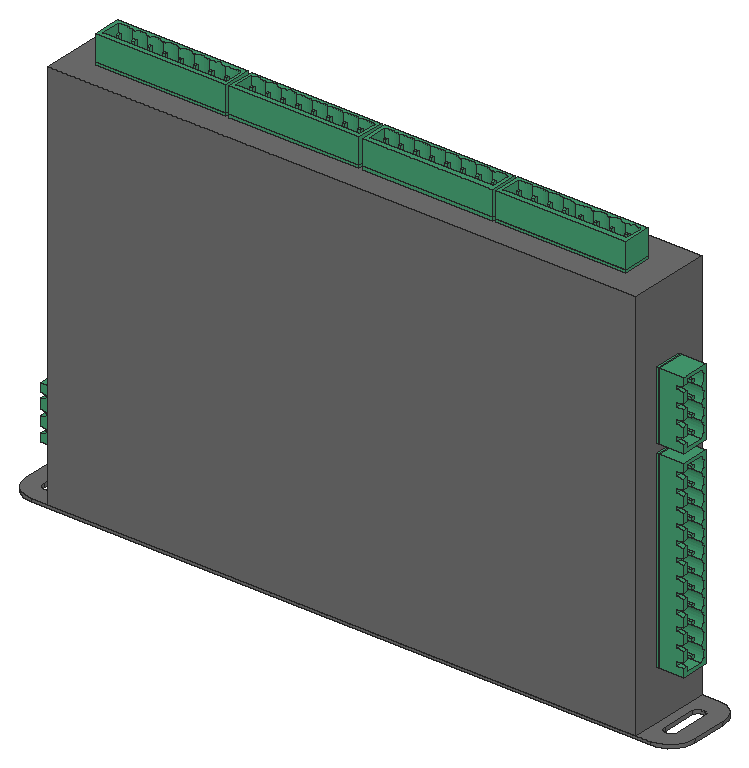
Revit family "Б411_RV17_LOD400 (05.11.23)", category Электрооборудование, Revit 2017 (continued)
Forms (mm)
  Blend 128, void, detail levels medium+fine
    top sketch origin (95, 13.5, 25) x (0, 0, -1) y (0, 1, 0)
      loop
        line (-16.213, -18.848) -> (-15.166, -18.848) -> (-15.166, -17.258) -> (-16.213, -17.258) -> (-16.213, -18.848)
    from 9 to 7
  Blend 129, solid, material "соединения", detail levels medium+fine
    base sketch origin (95, 13.513, 15) x (0, 0, -1) y (0, 1, 0)
      loop
        circle (-25.763, -13.973) r 1.379
    top sketch origin (95, 13.513, 15) x (0, 0, -1) y (0, 1, 0)
      loop
        circle (-25.763, -13.973) r 0.948
    from 1 to 3
  Blend 130, solid, material "соединения", detail levels medium+fine
    base sketch origin (95, 13.5, 15) x (0, 0, -1) y (0, 1, 0)
      loop
        line (-26.215, -14.422) -> (-25.289, -14.422) -> (-25.289, -13.499) -> (-26.215, -13.499) -> (-26.215, -14.422)
    top sketch origin (95, 13.5, 15) x (0, 0, -1) y (0, 1, 0)
      loop
        line (-26.145, -14.337) -> (-25.343, -14.337) -> (-25.343, -13.551) -> (-26.145, -13.551) -> (-26.145, -14.337)
    from 3 to 8
  Blend 131, void, detail levels medium+fine
    base sketch origin (95, 13.5, 20) x (0, 0, -1) y (0, 1, 0)
      loop
        line (-16.72, -18.848) -> (-14.723, -18.848) -> (-14.723, -17.258) -> (-16.72, -17.258) -> (-16.72, -18.848)
    top sketch origin (95, 13.5, 20) x (0, 0, -1) y (0, 1, 0)
      loop
        line (-16.213, -18.848) -> (-15.166, -18.848) -> (-15.166, -17.258) -> (-16.213, -17.258) -> (-16.213, -18.848)
    from 9 to 7
  Blend 132, solid, material "соединения", detail levels medium+fine
    base sketch origin (95, 13.513, 10) x (0, 0, -1) y (0, 1, 0)
      loop
        circle (-25.763, -13.973) r 1.379
    top sketch origin (95, 13.513, 10) x (0, 0, -1) y (0, 1, 0)
      loop
        circle (-25.763, -13.973) r 0.948
    from 1 to 3
  Blend 133, solid, material "соединения", detail levels medium+fine
    base sketch origin (95, 13.5, 10) x (0, 0, -1) y (0, 1, 0)
      loop
        line (-26.215, -14.422) -> (-25.289, -14.422) -> (-25.289, -13.499) -> (-26.215, -13.499) -> (-26.215, -14.422)
    top sketch origin (95, 13.5, 10) x (0, 0, -1) y (0, 1, 0)
      loop
        line (-26.145, -14.337) -> (-25.343, -14.337) -> (-25.343, -13.551) -> (-26.145, -13.551) -> (-26.145, -14.337)
    from 3 to 8
  Blend 134, void, detail levels medium+fine
    base sketch origin (95, 13.5, 15) x (0, 0, -1) y (0, 1, 0)
      loop
        line (-16.72, -18.848) -> (-14.723, -18.848) -> (-14.723, -17.258) -> (-16.72, -17.258) -> (-16.72, -18.848)
    top sketch origin (95, 13.5, 15) x (0, 0, -1) y (0, 1, 0)
      loop
        line (-16.213, -18.848) -> (-15.166, -18.848) -> (-15.166, -17.258) -> (-16.213, -17.258) -> (-16.213, -18.848)
    from 9 to 7
  Blend 135, solid, material "соединения", detail levels medium+fine
    base sketch origin (95, 13.513, 5) x (0, 0, -1) y (0, 1, 0)
      loop
        circle (-25.763, -13.973) r 1.379
    top sketch origin (95, 13.513, 5) x (0, 0, -1) y (0, 1, 0)
      loop
        circle (-25.763, -13.973) r 0.948
    from 1 to 3
  Blend 136, solid, material "соединения", detail levels medium+fine
    base sketch origin (95, 13.5, 5) x (0, 0, -1) y (0, 1, 0)
      loop
        line (-26.215, -14.422) -> (-25.289, -14.422) -> (-25.289, -13.499) -> (-26.215, -13.499) -> (-26.215, -14.422)
    top sketch origin (95, 13.5, 5) x (0, 0, -1) y (0, 1, 0)
      loop
        line (-26.145, -14.337) -> (-25.343, -14.337) -> (-25.343, -13.551) -> (-26.145, -13.551) -> (-26.145, -14.337)
    from 3 to 8
  Blend 137, void, detail levels medium+fine
    base sketch origin (95, 13.5, 10) x (0, 0, -1) y (0, 1, 0)
      loop
        line (-16.72, -18.848) -> (-14.723, -18.848) -> (-14.723, -17.258) -> (-16.72, -17.258) -> (-16.72, -18.848)
    top sketch origin (95, 13.5, 10) x (0, 0, -1) y (0, 1, 0)
      loop
        line (-16.213, -18.848) -> (-15.166, -18.848) -> (-15.166, -17.258) -> (-16.213, -17.258) -> (-16.213, -18.848)
    from 9 to 7
  Blend 138, solid, material "соединения", detail levels medium+fine
    base sketch origin (95, 13.513, 0) x (0, 0, -1) y (0, 1, 0)
      loop
        circle (-25.763, -13.973) r 1.379
    top sketch origin (95, 13.513, 0) x (0, 0, -1) y (0, 1, 0)
      loop
        circle (-25.763, -13.973) r 0.948
    from 1 to 3
  Blend 139, solid, material "соединения", detail levels medium+fine
    base sketch origin (95, 13.5, 0) x (0, 0, -1) y (0, 1, 0)
      loop
        line (-26.215, -14.422) -> (-25.289, -14.422) -> (-25.289, -13.499) -> (-26.215, -13.499) -> (-26.215, -14.422)
    top sketch origin (95, 13.5, 0) x (0, 0, -1) y (0, 1, 0)
      loop
        line (-26.145, -14.337) -> (-25.343, -14.337) -> (-25.343, -13.551) -> (-26.145, -13.551) -> (-26.145, -14.337)
    from 3 to 8
  Blend 140, void, detail levels medium+fine
    base sketch origin (95, 13.5, 5) x (0, 0, -1) y (0, 1, 0)
      loop
        line (-16.72, -18.848) -> (-14.723, -18.848) -> (-14.723, -17.258) -> (-16.72, -17.258) -> (-16.72, -18.848)
    top sketch origin (95, 13.5, 5) x (0, 0, -1) y (0, 1, 0)
      loop
        line (-16.213, -18.848) -> (-15.166, -18.848) -> (-15.166, -17.258) -> (-16.213, -17.258) -> (-16.213, -18.848)
    from 9 to 7
  Blend 141, solid, material "соединения", detail levels medium+fine
    base sketch origin (95, 13.513, -5) x (0, 0, -1) y (0, 1, 0)
      loop
        circle (-25.763, -13.973) r 1.379
    top sketch origin (95, 13.513, -5) x (0, 0, -1) y (0, 1, 0)
      loop
        circle (-25.763, -13.973) r 0.948
    from 1 to 3
  Blend 142, solid, material "соединения", detail levels medium+fine
    base sketch origin (95, 13.5, -5) x (0, 0, -1) y (0, 1, 0)
      loop
        line (-26.215, -14.422) -> (-25.289, -14.422) -> (-25.289, -13.499) -> (-26.215, -13.499) -> (-26.215, -14.422)
    top sketch origin (95, 13.5, -5) x (0, 0, -1) y (0, 1, 0)
      loop
        line (-26.145, -14.337) -> (-25.343, -14.337) -> (-25.343, -13.551) -> (-26.145, -13.551) -> (-26.145, -14.337)
    from 3 to 8
  Blend 143, void, detail levels medium+fine
    base sketch origin (95, 13.5, 75) x (0, 0, -1) y (0, 1, 0)
      loop
        line (-16.72, -18.848) -> (-14.723, -18.848) -> (-14.723, -17.258) -> (-16.72, -17.258) -> (-16.72, -18.848)
    top sketch origin (95, 13.5, 75) x (0, 0, -1) y (0, 1, 0)
      loop
        line (-16.213, -18.848) -> (-15.166, -18.848) -> (-15.166, -17.258) -> (-16.213, -17.258) -> (-16.213, -18.848)
    from 9 to 7
  Blend 144, void, detail levels medium+fine
    base sketch origin (95, 13.5, 80) x (0, 0, -1) y (0, 1, 0)
      loop
        line (-16.72, -18.848) -> (-14.723, -18.848) -> (-14.723, -17.258) -> (-16.72, -17.258) -> (-16.72, -18.848)
    top sketch origin (95, 13.5, 80) x (0, 0, -1) y (0, 1, 0)
      loop
        line (-16.213, -18.848) -> (-15.166, -18.848) -> (-15.166, -17.258) -> (-16.213, -17.258) -> (-16.213, -18.848)
    from 9 to 7
  Blend 145, void, detail levels medium+fine
    base sketch origin (95, 13.5, 85) x (0, 0, -1) y (0, 1, 0)
      loop
        line (-16.72, -18.848) -> (-14.723, -18.848) -> (-14.723, -17.258) -> (-16.72, -17.258) -> (-16.72, -18.848)
    top sketch origin (95, 13.5, 85) x (0, 0, -1) y (0, 1, 0)
      loop
        line (-16.213, -18.848) -> (-15.166, -18.848) -> (-15.166, -17.258) -> (-16.213, -17.258) -> (-16.213, -18.848)
    from 9 to 7
Cuts and joins
  Extrusion 5, Extrusion 6, Extrusion 7, Extrusion 8 cuts Extrusion 1
  Extrusion 5, Extrusion 6 cuts Extrusion 4
  Extrusion 6, Extrusion 7 cuts Extrusion 3
  Blend 13, Blend 14, Blend 15 cuts Extrusion 12
  Blend 102, Blend 107, Blend 108, Blend 109, Blend 116, Blend 143, Blend 144, Blend 145 cuts Extrusion 95
  Blend 107, Blend 108, Blend 109, Blend 116, Blend 119, Blend 122, Blend 125, Blend 128, Blend 131, Blend 134, Blend 137, Blend 140 cuts Extrusion 106
Dimensions and locks
  locked: plane 4 to plane 1 "По центру (Вперед/Назад)" at 2000
  locked: plane 5 to plane 3 "По центру (Влево/Вправо)" at 2000
  "В_Смещение_УГО_X": plane 5 to plane 6
  "В_Смещение_УГО_Y": plane 4 to plane 7
  "ADSK_Размер_Длина": plane 9 to plane 8
  aligned and locked: level to plane 2
Automatic sketch dimensions
  Extrusion 1 sketch curve to plane 1 "По центру (Вперед/Назад)" = 13.5 mm
  Extrusion 1 sketch curve to plane 11 "1" = 0 mm
  Extrusion 1 sketch curve to plane 10 "3" = 0 mm
  plane 1 "По центру (Вперед/Назад)" to Extrusion 1 sketch curve = 13.5 mm
  Extrusion 2 sketch curve to plane 1 "По центру (Вперед/Назад)" = 13.5 mm
  Extrusion 2 sketch curve to plane 9 = 0 mm
  Extrusion 2 sketch curve to plane 8 = 0 mm
  Extrusion 2 sketch curve to plane 1 "По центру (Вперед/Назад)" = 5.541 mm
  plane 10 "3" to Extrusion 2 sketch curve = 5.041 mm
  Extrusion 2 sketch curve to Extrusion 2 sketch curve = 0.364 mm  (x2)
  plane 11 "1" to Extrusion 2 sketch curve = 5.041 mm
  Extrusion 2 sketch curve to Extrusion 2 sketch curve = 10.719 mm
  Extrusion 2 sketch curve to Extrusion 2 sketch curve = 11.082 mm
  Extrusion 2 sketch curve to Extrusion 2 sketch curve = 0.281 mm  (x2)
  Extrusion 2 sketch curve to Extrusion 2 sketch curve = 2.414 mm
  Extrusion 2 sketch curve to Extrusion 2 sketch curve = 0.399 mm  (x2)
  Extrusion 2 sketch curve to Extrusion 2 sketch curve = 1.616 mm
  Extrusion 3 sketch curve to plane 1 "По центру (Вперед/Назад)" = 5.541 mm
  level to Extrusion 3 sketch curve = 51 mm
  Extrusion 3 sketch curve to Extrusion 3 sketch curve = 16 mm
  Extrusion 3 sketch curve to Extrusion 3 sketch curve = 14 mm
  Extrusion 4 sketch curve to plane 1 "По центру (Вперед/Назад)" = 5.541 mm
  level to Extrusion 4 sketch curve = 70 mm
  Extrusion 4 sketch curve to Extrusion 4 sketch curve = 16 mm
  Extrusion 4 sketch curve to Extrusion 4 sketch curve = 14 mm
  plane 1 "По центру (Вперед/Назад)" to Extrusion 5 sketch curve = 6.708 mm
  level to Extrusion 5 sketch curve = 68.013 mm
  Extrusion 5 sketch curve to Extrusion 5 sketch curve = 1.976 mm  (x2)
  Extrusion 5 sketch curve to Extrusion 5 sketch curve = 1.537 mm  (x2)
  Extrusion 5 sketch curve to Extrusion 5 sketch curve = 5 mm
  Extrusion 5 sketch curve to Extrusion 5 sketch curve = 7.406 mm  (x2)
  Extrusion 5 sketch curve to Extrusion 5 sketch curve = 1.402 mm  (x2)
  Extrusion 5 sketch curve to Extrusion 5 sketch curve = 2.524 mm
  plane 1 "По центру (Вперед/Назад)" to Extrusion 6 sketch curve = 6.708 mm
  level to Extrusion 6 sketch curve = 49.013 mm
  Extrusion 6 sketch curve to Extrusion 6 sketch curve = 1.976 mm  (x2)
  Extrusion 6 sketch curve to Extrusion 6 sketch curve = 1.537 mm  (x2)
  Extrusion 6 sketch curve to Extrusion 6 sketch curve = 5 mm
  Extrusion 6 sketch curve to Extrusion 6 sketch curve = 7.406 mm  (x2)
  Extrusion 6 sketch curve to Extrusion 6 sketch curve = 1.402 mm  (x2)
  Extrusion 6 sketch curve to Extrusion 6 sketch curve = 2.524 mm
  Extrusion 7 sketch curve to plane 1 "По центру (Вперед/Назад)" = 3.714 mm
  level to Extrusion 7 sketch curve = 91.765 mm
  Extrusion 7 sketch curve to Extrusion 7 sketch curve = 1.976 mm  (x2)
  Extrusion 7 sketch curve to Extrusion 7 sketch curve = 1.537 mm  (x2)
  Extrusion 7 sketch curve to Extrusion 7 sketch curve = 5 mm
  Extrusion 7 sketch curve to Extrusion 7 sketch curve = 7.406 mm  (x2)
  Extrusion 7 sketch curve to Extrusion 7 sketch curve = 1.402 mm  (x2)
  Extrusion 7 sketch curve to Extrusion 7 sketch curve = 2.524 mm
  Extrusion 8 sketch curve to plane 1 "По центру (Вперед/Назад)" = 5.541 mm
  level to Extrusion 8 sketch curve = 93.751 mm
  Extrusion 8 sketch curve to Extrusion 8 sketch curve = 16 mm
  Extrusion 8 sketch curve to Extrusion 8 sketch curve = 14 mm
  plane 1 "По центру (Вперед/Назад)" to Extrusion 9 sketch curve = 1.593 mm
  level to Extrusion 9 sketch curve = 104.123 mm
  plane 1 "По центру (Вперед/Назад)" to Blend 10 sketch curve = 1.593 mm  (x2)
  level to Blend 10 sketch curve = 104.062 mm  (x2)
  level to Extrusion 11 sketch curve = 29.543 mm
  level to Extrusion 11 sketch curve = 12.543 mm
  Extrusion 11 sketch curve to plane 1 "По центру (Вперед/Назад)" = 3.886 mm
  Extrusion 11 sketch curve to Extrusion 11 sketch curve = 9 mm
  level to Extrusion 12 sketch curve = 29.543 mm
  Extrusion 12 sketch curve to Extrusion 12 sketch curve = 1.593 mm
  Extrusion 12 sketch curve to Extrusion 12 sketch curve = 2.104 mm
  Extrusion 12 sketch curve to Extrusion 12 sketch curve = 4.833 mm
  Extrusion 12 sketch curve to Extrusion 12 sketch curve = 4.954 mm
  Extrusion 12 sketch curve to Extrusion 12 sketch curve = 2.501 mm
  Extrusion 12 sketch curve to Extrusion 12 sketch curve = 1.015 mm
  Extrusion 12 sketch curve to plane 1 "По центру (Вперед/Назад)" = 3.886 mm
  Extrusion 12 sketch curve to Extrusion 12 sketch curve = 1.225 mm
  Extrusion 12 sketch curve to Extrusion 12 sketch curve = 1.52 mm
  Extrusion 12 sketch curve to Extrusion 12 sketch curve = 0.433 mm
  Extrusion 12 sketch curve to Extrusion 12 sketch curve = 4.219 mm
  Extrusion 12 sketch curve to Extrusion 12 sketch curve = 0.11 mm
  Extrusion 12 sketch curve to Extrusion 12 sketch curve = 4.071 mm
  Extrusion 12 sketch curve to Extrusion 12 sketch curve = 1.82 mm
  Extrusion 12 sketch curve to Extrusion 12 sketch curve = 1.589 mm
  Extrusion 12 sketch curve to Extrusion 12 sketch curve = 4.559 mm
  level to Blend 13 sketch curve = 22.028 mm
  Blend 13 sketch curve to Blend 13 sketch curve = 1.996 mm
  plane 1 "По центру (Вперед/Назад)" to Blend 13 sketch curve = 3.525 mm  (x2)
  Blend 13 sketch curve to Blend 13 sketch curve = 1.589 mm  (x2)
  level to Blend 13 sketch curve = 21.522 mm
  Blend 13 sketch curve to Blend 13 sketch curve = 1.047 mm
  level to Blend 14 sketch curve = 27.028 mm
  Blend 14 sketch curve to Blend 14 sketch curve = 1.996 mm
  plane 1 "По центру (Вперед/Назад)" to Blend 14 sketch curve = 3.525 mm  (x2)
  Blend 14 sketch curve to Blend 14 sketch curve = 1.589 mm  (x2)
  level to Blend 14 sketch curve = 26.522 mm
  Blend 14 sketch curve to Blend 14 sketch curve = 1.047 mm
  level to Blend 15 sketch curve = 17.028 mm
  Blend 15 sketch curve to Blend 15 sketch curve = 1.996 mm
  plane 1 "По центру (Вперед/Назад)" to Blend 15 sketch curve = 3.525 mm  (x2)
  Blend 15 sketch curve to Blend 15 sketch curve = 1.589 mm  (x2)
  level to Blend 15 sketch curve = 16.522 mm
  Blend 15 sketch curve to Blend 15 sketch curve = 1.047 mm
  level to Blend 16 sketch curve = 26.072 mm  (x2)
  plane 1 "По центру (Вперед/Назад)" to Blend 16 sketch curve = 0.24 mm  (x2)
  level to Blend 17 sketch curve = 21.072 mm  (x2)
  plane 1 "По центру (Вперед/Назад)" to Blend 17 sketch curve = 0.24 mm  (x2)
  level to Blend 18 sketch curve = 16.072 mm  (x2)
  plane 1 "По центру (Вперед/Назад)" to Blend 18 sketch curve = 0.24 mm  (x2)
  level to Blend 19 sketch curve = 26.524 mm
  Blend 19 sketch curve to Blend 19 sketch curve = 0.926 mm
  Blend 19 sketch curve to plane 1 "По центру (Вперед/Назад)" = 0.235 mm
  Blend 19 sketch curve to Blend 19 sketch curve = 0.922 mm
  level to Blend 19 sketch curve = 26.453 mm
  Blend 19 sketch curve to Blend 19 sketch curve = 0.802 mm
  Blend 19 sketch curve to plane 1 "По центру (Вперед/Назад)" = 0.183 mm
  Blend 19 sketch curve to Blend 19 sketch curve = 0.786 mm
  level to Blend 20 sketch curve = 21.524 mm
  Blend 20 sketch curve to Blend 20 sketch curve = 0.926 mm
  Blend 20 sketch curve to plane 1 "По центру (Вперед/Назад)" = 0.235 mm
  Blend 20 sketch curve to Blend 20 sketch curve = 0.922 mm
  level to Blend 20 sketch curve = 21.453 mm
  Blend 20 sketch curve to Blend 20 sketch curve = 0.802 mm
  Blend 20 sketch curve to plane 1 "По центру (Вперед/Назад)" = 0.183 mm
  Blend 20 sketch curve to Blend 20 sketch curve = 0.786 mm
  level to Blend 21 sketch curve = 16.524 mm
  Blend 21 sketch curve to Blend 21 sketch curve = 0.926 mm
  Blend 21 sketch curve to plane 1 "По центру (Вперед/Назад)" = 0.235 mm
  Blend 21 sketch curve to Blend 21 sketch curve = 0.922 mm
  level to Blend 21 sketch curve = 16.453 mm
  Blend 21 sketch curve to Blend 21 sketch curve = 0.802 mm
  Blend 21 sketch curve to plane 1 "По центру (Вперед/Назад)" = 0.183 mm
  Blend 21 sketch curve to Blend 21 sketch curve = 0.786 mm
  plane 1 "По центру (Вперед/Назад)" to Extrusion 22 sketch curve = 5.381 mm
  Extrusion 22 sketch curve to plane 3 "По центру (Влево/Вправо)" = 43.911 mm
  Extrusion 22 sketch curve to plane 11 "1" = 9.089 mm
  Extrusion 22 sketch curve to Extrusion 22 sketch curve = 9 mm
  Extrusion 23 sketch curve to plane 1 "По центру (Вперед/Назад)" = 3.619 mm
  Extrusion 23 sketch curve to plane 3 "По центру (Влево/Вправо)" = 43.911 mm
  Extrusion 23 sketch curve to Extrusion 23 sketch curve = 0.97 mm
  Extrusion 23 sketch curve to Extrusion 23 sketch curve = 2.5 mm  (x8)
  Extrusion 23 sketch curve to Extrusion 23 sketch curve = 5 mm  (x7)
  Extrusion 23 sketch curve to Extrusion 23 sketch curve = 1.03 mm
  Extrusion 23 sketch curve to Extrusion 23 sketch curve = 1.547 mm  (x2)
  Extrusion 23 sketch curve to Extrusion 23 sketch curve = 0.406 mm
  plane 1 "По центру (Вперед/Назад)" to Extrusion 23 sketch curve = 2 mm
  Extrusion 23 sketch curve to Extrusion 23 sketch curve = 4.071 mm  (x2)
  Extrusion 23 sketch curve to Extrusion 23 sketch curve = 0 mm  (x5)
  Extrusion 23 sketch curve to Extrusion 23 sketch curve = 1.792 mm
  Extrusion 23 sketch curve to Extrusion 23 sketch curve = 1.589 mm
  Blend 24 sketch curve to plane 11 "1" = 22.619 mm  (x2)
  plane 1 "По центру (Вперед/Назад)" to Blend 24 sketch curve = 0.507 mm  (x2)
  Blend 25 sketch curve to plane 11 "1" = 17.619 mm  (x2)
  plane 1 "По центру (Вперед/Назад)" to Blend 25 sketch curve = 0.507 mm  (x2)
  Blend 26 sketch curve to plane 11 "1" = 12.619 mm  (x2)
  plane 1 "По центру (Вперед/Назад)" to Blend 26 sketch curve = 0.507 mm  (x2)
  Blend 27 sketch curve to plane 11 "1" = 23.071 mm
  Blend 27 sketch curve to Blend 27 sketch curve = 0.926 mm
  plane 1 "По центру (Вперед/Назад)" to Blend 27 sketch curve = 0.033 mm
  Blend 27 sketch curve to Blend 27 sketch curve = 0.922 mm
  Blend 27 sketch curve to plane 11 "1" = 23 mm
  Blend 27 sketch curve to Blend 27 sketch curve = 0.802 mm
  plane 1 "По центру (Вперед/Назад)" to Blend 27 sketch curve = 0.085 mm
  Blend 27 sketch curve to Blend 27 sketch curve = 0.786 mm
  Blend 28 sketch curve to plane 11 "1" = 18.071 mm
  Blend 28 sketch curve to Blend 28 sketch curve = 0.926 mm
  plane 1 "По центру (Вперед/Назад)" to Blend 28 sketch curve = 0.033 mm
  Blend 28 sketch curve to Blend 28 sketch curve = 0.922 mm
  Blend 28 sketch curve to plane 11 "1" = 18 mm
  Blend 28 sketch curve to Blend 28 sketch curve = 0.802 mm
  plane 1 "По центру (Вперед/Назад)" to Blend 28 sketch curve = 0.085 mm
  Blend 28 sketch curve to Blend 28 sketch curve = 0.786 mm
  Blend 29 sketch curve to plane 11 "1" = 13.071 mm
  Blend 29 sketch curve to Blend 29 sketch curve = 0.926 mm
  plane 1 "По центру (Вперед/Назад)" to Blend 29 sketch curve = 0.033 mm
  Blend 29 sketch curve to Blend 29 sketch curve = 0.922 mm
  Blend 29 sketch curve to plane 11 "1" = 13 mm
  Blend 29 sketch curve to Blend 29 sketch curve = 0.802 mm
  plane 1 "По центру (Вперед/Назад)" to Blend 29 sketch curve = 0.085 mm
  Blend 29 sketch curve to Blend 29 sketch curve = 0.786 mm
  Blend 30 sketch curve to plane 11 "1" = 27.619 mm  (x2)
  plane 1 "По центру (Вперед/Назад)" to Blend 30 sketch curve = 0.507 mm  (x2)
  plane 1 "По центру (Вперед/Назад)" to Blend 31 sketch curve = 0.033 mm
  Blend 31 sketch curve to plane 11 "1" = 28.071 mm
  Blend 31 sketch curve to Blend 31 sketch curve = 0.926 mm
  Blend 31 sketch curve to Blend 31 sketch curve = 0.922 mm
  plane 1 "По центру (Вперед/Назад)" to Blend 31 sketch curve = 0.085 mm
  Blend 31 sketch curve to plane 11 "1" = 28 mm
  Blend 31 sketch curve to Blend 31 sketch curve = 0.802 mm
  Blend 31 sketch curve to Blend 31 sketch curve = 0.786 mm
  plane 1 "По центру (Вперед/Назад)" to Blend 32 sketch curve = 0.507 mm  (x2)
  Blend 32 sketch curve to plane 11 "1" = 42.619 mm  (x2)
  plane 1 "По центру (Вперед/Назад)" to Blend 33 sketch curve = 0.507 mm  (x2)
  Blend 33 sketch curve to plane 11 "1" = 37.619 mm  (x2)
  plane 1 "По центру (Вперед/Назад)" to Blend 34 sketch curve = 0.507 mm  (x2)
  Blend 34 sketch curve to plane 11 "1" = 32.619 mm  (x2)
  plane 1 "По центру (Вперед/Назад)" to Blend 35 sketch curve = 0.033 mm
  Blend 35 sketch curve to plane 11 "1" = 43.071 mm
  Blend 35 sketch curve to Blend 35 sketch curve = 0.926 mm
  Blend 35 sketch curve to Blend 35 sketch curve = 0.922 mm
  plane 1 "По центру (Вперед/Назад)" to Blend 35 sketch curve = 0.085 mm
  Blend 35 sketch curve to plane 11 "1" = 43 mm
  Blend 35 sketch curve to Blend 35 sketch curve = 0.802 mm
  Blend 35 sketch curve to Blend 35 sketch curve = 0.786 mm
  plane 1 "По центру (Вперед/Назад)" to Blend 36 sketch curve = 0.033 mm
  Blend 36 sketch curve to plane 11 "1" = 38.071 mm
  Blend 36 sketch curve to Blend 36 sketch curve = 0.926 mm
  Blend 36 sketch curve to Blend 36 sketch curve = 0.922 mm
  plane 1 "По центру (Вперед/Назад)" to Blend 36 sketch curve = 0.085 mm
  Blend 36 sketch curve to plane 11 "1" = 38 mm
  Blend 36 sketch curve to Blend 36 sketch curve = 0.802 mm
  Blend 36 sketch curve to Blend 36 sketch curve = 0.786 mm
  plane 1 "По центру (Вперед/Назад)" to Blend 37 sketch curve = 0.033 mm
  Blend 37 sketch curve to plane 11 "1" = 33.071 mm
  Blend 37 sketch curve to Blend 37 sketch curve = 0.926 mm
  Blend 37 sketch curve to Blend 37 sketch curve = 0.922 mm
  plane 1 "По центру (Вперед/Назад)" to Blend 37 sketch curve = 0.085 mm
  Blend 37 sketch curve to plane 11 "1" = 33 mm
  Blend 37 sketch curve to Blend 37 sketch curve = 0.802 mm
  Blend 37 sketch curve to Blend 37 sketch curve = 0.786 mm
  plane 1 "По центру (Вперед/Назад)" to Blend 38 sketch curve = 0.507 mm  (x2)
  Blend 38 sketch curve to plane 3 "По центру (Влево/Вправо)" = 47.381 mm  (x2)
  plane 1 "По центру (Вперед/Назад)" to Blend 39 sketch curve = 0.033 mm
  Blend 39 sketch curve to plane 3 "По центру (Влево/Вправо)" = 46.929 mm
  Blend 39 sketch curve to Blend 39 sketch curve = 0.926 mm
  Blend 39 sketch curve to Blend 39 sketch curve = 0.922 mm
  plane 1 "По центру (Вперед/Назад)" to Blend 39 sketch curve = 0.085 mm
  Blend 39 sketch curve to plane 3 "По центру (Влево/Вправо)" = 47 mm
  Blend 39 sketch curve to Blend 39 sketch curve = 0.802 mm
  Blend 39 sketch curve to Blend 39 sketch curve = 0.786 mm
  Extrusion 40 sketch curve to plane 3 "По центру (Влево/Вправо)" = 0.786 mm
  Extrusion 40 sketch curve to plane 1 "По центру (Вперед/Назад)" = 3.619 mm
  Extrusion 40 sketch curve to Extrusion 40 sketch curve = 42 mm
  Extrusion 40 sketch curve to Extrusion 40 sketch curve = 9 mm
  Extrusion 41 sketch curve to plane 3 "По центру (Влево/Вправо)" = 0.786 mm
  Extrusion 41 sketch curve to plane 3 "По центру (Влево/Вправо)" = 1.757 mm
  Extrusion 41 sketch curve to Extrusion 41 sketch curve = 2.5 mm  (x8)
  Extrusion 41 sketch curve to Extrusion 41 sketch curve = 5 mm  (x7)
  Extrusion 41 sketch curve to Extrusion 41 sketch curve = 1.03 mm
  Extrusion 41 sketch curve to plane 1 "По центру (Вперед/Назад)" = 3.619 mm
  Extrusion 41 sketch curve to Extrusion 41 sketch curve = 1.547 mm  (x2)
  Extrusion 41 sketch curve to Extrusion 41 sketch curve = 0.406 mm
  plane 1 "По центру (Вперед/Назад)" to Extrusion 41 sketch curve = 2 mm
  Extrusion 41 sketch curve to Extrusion 41 sketch curve = 4.071 mm  (x2)
  Extrusion 41 sketch curve to Extrusion 41 sketch curve = 0 mm  (x5)
  Extrusion 41 sketch curve to Extrusion 41 sketch curve = 1.792 mm
  Extrusion 41 sketch curve to Extrusion 41 sketch curve = 1.589 mm
  plane 1 "По центру (Вперед/Назад)" to Blend 42 sketch curve = 0.507 mm  (x2)
  Blend 42 sketch curve to plane 3 "По центру (Влево/Вправо)" = 29.257 mm  (x2)
  plane 1 "По центру (Вперед/Назад)" to Blend 43 sketch curve = 0.507 mm  (x2)
  Blend 43 sketch curve to plane 3 "По центру (Влево/Вправо)" = 34.257 mm  (x2)
  plane 1 "По центру (Вперед/Назад)" to Blend 44 sketch curve = 0.507 mm  (x2)
  Blend 44 sketch curve to plane 3 "По центру (Влево/Вправо)" = 39.257 mm  (x2)
  plane 1 "По центру (Вперед/Назад)" to Blend 45 sketch curve = 0.033 mm
  Blend 45 sketch curve to plane 3 "По центру (Влево/Вправо)" = 28.805 mm
  Blend 45 sketch curve to Blend 45 sketch curve = 0.926 mm
  Blend 45 sketch curve to Blend 45 sketch curve = 0.922 mm
  plane 1 "По центру (Вперед/Назад)" to Blend 45 sketch curve = 0.085 mm
  Blend 45 sketch curve to plane 3 "По центру (Влево/Вправо)" = 28.875 mm
  Blend 45 sketch curve to Blend 45 sketch curve = 0.802 mm
  Blend 45 sketch curve to Blend 45 sketch curve = 0.786 mm
  plane 1 "По центру (Вперед/Назад)" to Blend 46 sketch curve = 0.033 mm
  Blend 46 sketch curve to plane 3 "По центру (Влево/Вправо)" = 33.805 mm
  Blend 46 sketch curve to Blend 46 sketch curve = 0.926 mm
  Blend 46 sketch curve to Blend 46 sketch curve = 0.922 mm
  plane 1 "По центру (Вперед/Назад)" to Blend 46 sketch curve = 0.085 mm
  Blend 46 sketch curve to plane 3 "По центру (Влево/Вправо)" = 33.875 mm
  Blend 46 sketch curve to Blend 46 sketch curve = 0.802 mm
  Blend 46 sketch curve to Blend 46 sketch curve = 0.786 mm
  plane 1 "По центру (Вперед/Назад)" to Blend 47 sketch curve = 0.033 mm
  Blend 47 sketch curve to plane 3 "По центру (Влево/Вправо)" = 38.805 mm
  Blend 47 sketch curve to Blend 47 sketch curve = 0.926 mm
  Blend 47 sketch curve to Blend 47 sketch curve = 0.922 mm
  plane 1 "По центру (Вперед/Назад)" to Blend 47 sketch curve = 0.085 mm
  Blend 47 sketch curve to plane 3 "По центру (Влево/Вправо)" = 38.875 mm
  Blend 47 sketch curve to Blend 47 sketch curve = 0.802 mm
  Blend 47 sketch curve to Blend 47 sketch curve = 0.786 mm
  Blend 48 sketch curve to plane 3 "По центру (Влево/Вправо)" = 24.257 mm  (x2)
  plane 1 "По центру (Вперед/Назад)" to Blend 48 sketch curve = 0.507 mm  (x2)
  Blend 49 sketch curve to plane 3 "По центру (Влево/Вправо)" = 23.805 mm
  Blend 49 sketch curve to Blend 49 sketch curve = 0.926 mm
  plane 1 "По центру (Вперед/Назад)" to Blend 49 sketch curve = 0.033 mm
  Blend 49 sketch curve to Blend 49 sketch curve = 0.922 mm
  Blend 49 sketch curve to plane 3 "По центру (Влево/Вправо)" = 23.875 mm
  Blend 49 sketch curve to Blend 49 sketch curve = 0.802 mm
  plane 1 "По центру (Вперед/Назад)" to Blend 49 sketch curve = 0.085 mm
  Blend 49 sketch curve to Blend 49 sketch curve = 0.786 mm
  Blend 50 sketch curve to plane 3 "По центру (Влево/Вправо)" = 9.257 mm  (x2)
  plane 1 "По центру (Вперед/Назад)" to Blend 50 sketch curve = 0.507 mm  (x2)
  Blend 51 sketch curve to plane 3 "По центру (Влево/Вправо)" = 14.257 mm  (x2)
  plane 1 "По центру (Вперед/Назад)" to Blend 51 sketch curve = 0.507 mm  (x2)
  Blend 52 sketch curve to plane 3 "По центру (Влево/Вправо)" = 19.257 mm  (x2)
  plane 1 "По центру (Вперед/Назад)" to Blend 52 sketch curve = 0.507 mm  (x2)
  Blend 53 sketch curve to plane 3 "По центру (Влево/Вправо)" = 8.805 mm
  Blend 53 sketch curve to Blend 53 sketch curve = 0.926 mm
  plane 1 "По центру (Вперед/Назад)" to Blend 53 sketch curve = 0.033 mm
  Blend 53 sketch curve to Blend 53 sketch curve = 0.922 mm
  Blend 53 sketch curve to plane 3 "По центру (Влево/Вправо)" = 8.875 mm
  Blend 53 sketch curve to Blend 53 sketch curve = 0.802 mm
  plane 1 "По центру (Вперед/Назад)" to Blend 53 sketch curve = 0.085 mm
  Blend 53 sketch curve to Blend 53 sketch curve = 0.786 mm
  Blend 54 sketch curve to plane 3 "По центру (Влево/Вправо)" = 13.805 mm
  Blend 54 sketch curve to Blend 54 sketch curve = 0.926 mm
  plane 1 "По центру (Вперед/Назад)" to Blend 54 sketch curve = 0.033 mm
  Blend 54 sketch curve to Blend 54 sketch curve = 0.922 mm
  Blend 54 sketch curve to plane 3 "По центру (Влево/Вправо)" = 13.875 mm
  Blend 54 sketch curve to Blend 54 sketch curve = 0.802 mm
  plane 1 "По центру (Вперед/Назад)" to Blend 54 sketch curve = 0.085 mm
  Blend 54 sketch curve to Blend 54 sketch curve = 0.786 mm
  Blend 55 sketch curve to plane 3 "По центру (Влево/Вправо)" = 18.805 mm
  Blend 55 sketch curve to Blend 55 sketch curve = 0.926 mm
  plane 1 "По центру (Вперед/Назад)" to Blend 55 sketch curve = 0.033 mm
  Blend 55 sketch curve to Blend 55 sketch curve = 0.922 mm
  Blend 55 sketch curve to plane 3 "По центру (Влево/Вправо)" = 18.875 mm
  Blend 55 sketch curve to Blend 55 sketch curve = 0.802 mm
  plane 1 "По центру (Вперед/Назад)" to Blend 55 sketch curve = 0.085 mm
  Blend 55 sketch curve to Blend 55 sketch curve = 0.786 mm
  Blend 56 sketch curve to plane 3 "По центру (Влево/Вправо)" = 4.257 mm  (x2)
  plane 1 "По центру (Вперед/Назад)" to Blend 56 sketch curve = 0.507 mm  (x2)
  Blend 57 sketch curve to plane 3 "По центру (Влево/Вправо)" = 3.805 mm
  Blend 57 sketch curve to Blend 57 sketch curve = 0.926 mm
  plane 1 "По центру (Вперед/Назад)" to Blend 57 sketch curve = 0.033 mm
  Blend 57 sketch curve to Blend 57 sketch curve = 0.922 mm
  Blend 57 sketch curve to plane 3 "По центру (Влево/Вправо)" = 3.875 mm
  Blend 57 sketch curve to Blend 57 sketch curve = 0.802 mm
  plane 1 "По центру (Вперед/Назад)" to Blend 57 sketch curve = 0.085 mm
  Blend 57 sketch curve to Blend 57 sketch curve = 0.786 mm
  plane 1 "По центру (Вперед/Назад)" to Extrusion 58 sketch curve = 5.381 mm
  plane 3 "По центру (Влево/Вправо)" to Extrusion 58 sketch curve = 42.339 mm
  plane 3 "По центру (Влево/Вправо)" to Extrusion 58 sketch curve = 0.339 mm
  Extrusion 58 sketch curve to Extrusion 58 sketch curve = 9 mm
  Extrusion 59 sketch curve to plane 1 "По центру (Вперед/Назад)" = 3.619 mm
  plane 3 "По центру (Влево/Вправо)" to Extrusion 59 sketch curve = 42.339 mm
  Extrusion 59 sketch curve to Extrusion 59 sketch curve = 0.97 mm
  Extrusion 59 sketch curve to Extrusion 59 sketch curve = 2.5 mm  (x7)
  Extrusion 59 sketch curve to Extrusion 59 sketch curve = 5 mm  (x6)
  plane 3 "По центру (Влево/Вправо)" to Extrusion 59 sketch curve = 3.868 mm
  plane 3 "По центру (Влево/Вправо)" to Extrusion 59 sketch curve = 1.368 mm
  plane 3 "По центру (Влево/Вправо)" to Extrusion 59 sketch curve = 0.339 mm
  Extrusion 59 sketch curve to Extrusion 59 sketch curve = 1.547 mm  (x2)
  Extrusion 59 sketch curve to Extrusion 59 sketch curve = 0.406 mm
  plane 1 "По центру (Вперед/Назад)" to Extrusion 59 sketch curve = 2 mm
  Extrusion 59 sketch curve to Extrusion 59 sketch curve = 4.071 mm  (x2)
  Extrusion 59 sketch curve to Extrusion 59 sketch curve = 0 mm  (x5)
  Extrusion 59 sketch curve to Extrusion 59 sketch curve = 1.792 mm
  Extrusion 59 sketch curve to Extrusion 59 sketch curve = 1.589 mm
  plane 3 "По центру (Влево/Вправо)" to Blend 60 sketch curve = 13.868 mm  (x2)
  plane 1 "По центру (Вперед/Назад)" to Blend 60 sketch curve = 0.507 mm  (x2)
  plane 3 "По центру (Влево/Вправо)" to Blend 61 sketch curve = 8.868 mm  (x2)
  plane 1 "По центру (Вперед/Назад)" to Blend 61 sketch curve = 0.507 mm  (x2)
  plane 3 "По центру (Влево/Вправо)" to Blend 62 sketch curve = 3.868 mm  (x2)
  plane 1 "По центру (Вперед/Назад)" to Blend 62 sketch curve = 0.507 mm  (x2)
  plane 3 "По центру (Влево/Вправо)" to Blend 63 sketch curve = 14.32 mm
  Blend 63 sketch curve to Blend 63 sketch curve = 0.926 mm
  plane 1 "По центру (Вперед/Назад)" to Blend 63 sketch curve = 0.033 mm
  Blend 63 sketch curve to Blend 63 sketch curve = 0.922 mm
  plane 3 "По центру (Влево/Вправо)" to Blend 63 sketch curve = 14.25 mm
  Blend 63 sketch curve to Blend 63 sketch curve = 0.802 mm
  plane 1 "По центру (Вперед/Назад)" to Blend 63 sketch curve = 0.085 mm
  Blend 63 sketch curve to Blend 63 sketch curve = 0.786 mm
  plane 3 "По центру (Влево/Вправо)" to Blend 64 sketch curve = 9.32 mm
  Blend 64 sketch curve to Blend 64 sketch curve = 0.926 mm
  plane 1 "По центру (Вперед/Назад)" to Blend 64 sketch curve = 0.033 mm
  Blend 64 sketch curve to Blend 64 sketch curve = 0.922 mm
  plane 3 "По центру (Влево/Вправо)" to Blend 64 sketch curve = 9.25 mm
  Blend 64 sketch curve to Blend 64 sketch curve = 0.802 mm
  plane 1 "По центру (Вперед/Назад)" to Blend 64 sketch curve = 0.085 mm
  Blend 64 sketch curve to Blend 64 sketch curve = 0.786 mm
  plane 3 "По центру (Влево/Вправо)" to Blend 65 sketch curve = 4.32 mm
  Blend 65 sketch curve to Blend 65 sketch curve = 0.926 mm
  plane 1 "По центру (Вперед/Назад)" to Blend 65 sketch curve = 0.033 mm
  Blend 65 sketch curve to Blend 65 sketch curve = 0.922 mm
  plane 3 "По центру (Влево/Вправо)" to Blend 65 sketch curve = 4.25 mm
  Blend 65 sketch curve to Blend 65 sketch curve = 0.802 mm
  plane 1 "По центру (Вперед/Назад)" to Blend 65 sketch curve = 0.085 mm
  Blend 65 sketch curve to Blend 65 sketch curve = 0.786 mm
  plane 3 "По центру (Влево/Вправо)" to Blend 66 sketch curve = 18.868 mm  (x2)
  plane 1 "По центру (Вперед/Назад)" to Blend 66 sketch curve = 0.507 mm  (x2)
  plane 3 "По центру (Влево/Вправо)" to Blend 67 sketch curve = 19.32 mm
  Blend 67 sketch curve to Blend 67 sketch curve = 0.926 mm
  plane 1 "По центру (Вперед/Назад)" to Blend 67 sketch curve = 0.033 mm
  Blend 67 sketch curve to Blend 67 sketch curve = 0.922 mm
  plane 3 "По центру (Влево/Вправо)" to Blend 67 sketch curve = 19.25 mm
  Blend 67 sketch curve to Blend 67 sketch curve = 0.802 mm
  plane 1 "По центру (Вперед/Назад)" to Blend 67 sketch curve = 0.085 mm
  Blend 67 sketch curve to Blend 67 sketch curve = 0.786 mm
  plane 1 "По центру (Вперед/Назад)" to Blend 68 sketch curve = 0.507 mm  (x2)
  plane 3 "По центру (Влево/Вправо)" to Blend 68 sketch curve = 33.868 mm  (x2)
  plane 1 "По центру (Вперед/Назад)" to Blend 69 sketch curve = 0.507 mm  (x2)
  plane 3 "По центру (Влево/Вправо)" to Blend 69 sketch curve = 28.868 mm  (x2)
  plane 3 "По центру (Влево/Вправо)" to Blend 70 sketch curve = 23.868 mm  (x2)
  plane 1 "По центру (Вперед/Назад)" to Blend 70 sketch curve = 0.507 mm  (x2)
  plane 1 "По центру (Вперед/Назад)" to Blend 71 sketch curve = 0.033 mm
  plane 3 "По центру (Влево/Вправо)" to Blend 71 sketch curve = 34.32 mm
  Blend 71 sketch curve to Blend 71 sketch curve = 0.926 mm
  Blend 71 sketch curve to Blend 71 sketch curve = 0.922 mm
  plane 1 "По центру (Вперед/Назад)" to Blend 71 sketch curve = 0.085 mm
  plane 3 "По центру (Влево/Вправо)" to Blend 71 sketch curve = 34.25 mm
  Blend 71 sketch curve to Blend 71 sketch curve = 0.802 mm
  Blend 71 sketch curve to Blend 71 sketch curve = 0.786 mm
  plane 1 "По центру (Вперед/Назад)" to Blend 72 sketch curve = 0.033 mm
  plane 3 "По центру (Влево/Вправо)" to Blend 72 sketch curve = 29.32 mm
  Blend 72 sketch curve to Blend 72 sketch curve = 0.926 mm
  Blend 72 sketch curve to Blend 72 sketch curve = 0.922 mm
  plane 1 "По центру (Вперед/Назад)" to Blend 72 sketch curve = 0.085 mm
  plane 3 "По центру (Влево/Вправо)" to Blend 72 sketch curve = 29.25 mm
  Blend 72 sketch curve to Blend 72 sketch curve = 0.802 mm
  Blend 72 sketch curve to Blend 72 sketch curve = 0.786 mm
  plane 3 "По центру (Влево/Вправо)" to Blend 73 sketch curve = 24.32 mm
  Blend 73 sketch curve to Blend 73 sketch curve = 0.926 mm
  plane 1 "По центру (Вперед/Назад)" to Blend 73 sketch curve = 0.033 mm
  Blend 73 sketch curve to Blend 73 sketch curve = 0.922 mm
  plane 3 "По центру (Влево/Вправо)" to Blend 73 sketch curve = 24.25 mm
  Blend 73 sketch curve to Blend 73 sketch curve = 0.802 mm
  plane 1 "По центру (Вперед/Назад)" to Blend 73 sketch curve = 0.085 mm
  Blend 73 sketch curve to Blend 73 sketch curve = 0.786 mm
  plane 1 "По центру (Вперед/Назад)" to Blend 74 sketch curve = 0.507 mm  (x2)
  plane 3 "По центру (Влево/Вправо)" to Blend 74 sketch curve = 38.868 mm  (x2)
  plane 1 "По центру (Вперед/Назад)" to Blend 75 sketch curve = 0.033 mm
  plane 3 "По центру (Влево/Вправо)" to Blend 75 sketch curve = 39.32 mm
  Blend 75 sketch curve to Blend 75 sketch curve = 0.926 mm
  Blend 75 sketch curve to Blend 75 sketch curve = 0.922 mm
  plane 1 "По центру (Вперед/Назад)" to Blend 75 sketch curve = 0.085 mm
  plane 3 "По центру (Влево/Вправо)" to Blend 75 sketch curve = 39.25 mm
  Blend 75 sketch curve to Blend 75 sketch curve = 0.802 mm
  Blend 75 sketch curve to Blend 75 sketch curve = 0.786 mm
  Extrusion 76 sketch curve to plane 10 "3" = 9.536 mm
  Extrusion 76 sketch curve to plane 1 "По центру (Вперед/Назад)" = 3.619 mm
  Extrusion 76 sketch curve to Extrusion 76 sketch curve = 42 mm
  Extrusion 76 sketch curve to Extrusion 76 sketch curve = 9 mm
  Extrusion 77 sketch curve to plane 10 "3" = 9.536 mm
  Extrusion 77 sketch curve to Extrusion 77 sketch curve = 0.984 mm
  Extrusion 77 sketch curve to Extrusion 77 sketch curve = 2.493 mm
  Extrusion 77 sketch curve to Extrusion 77 sketch curve = 5.02 mm
  Extrusion 77 sketch curve to Extrusion 77 sketch curve = 5.057 mm
  Extrusion 77 sketch curve to Extrusion 77 sketch curve = 5.198 mm
  Extrusion 77 sketch curve to Extrusion 77 sketch curve = 6.077 mm
  Extrusion 77 sketch curve to Extrusion 77 sketch curve = 3.782 mm
  Extrusion 77 sketch curve to Extrusion 77 sketch curve = 4.897 mm
  Extrusion 77 sketch curve to Extrusion 77 sketch curve = 4.971 mm
  Extrusion 77 sketch curve to Extrusion 77 sketch curve = 2.501 mm
  Extrusion 77 sketch curve to Extrusion 77 sketch curve = 1.02 mm
  Extrusion 77 sketch curve to plane 1 "По центру (Вперед/Назад)" = 3.619 mm
  Extrusion 77 sketch curve to Extrusion 77 sketch curve = 1.528 mm
  Extrusion 77 sketch curve to Extrusion 77 sketch curve = 1.579 mm
  Extrusion 77 sketch curve to Extrusion 77 sketch curve = 0.425 mm
  Extrusion 77 sketch curve to Extrusion 77 sketch curve = 3.976 mm
  Extrusion 77 sketch curve to Extrusion 77 sketch curve = 0.071 mm
  Extrusion 77 sketch curve to Extrusion 77 sketch curve = 4.071 mm
  Extrusion 77 sketch curve to Extrusion 77 sketch curve = 4.068 mm
  Extrusion 77 sketch curve to Extrusion 77 sketch curve = 0.028 mm
  Extrusion 77 sketch curve to Extrusion 77 sketch curve = 0.066 mm
  Extrusion 77 sketch curve to Extrusion 77 sketch curve = 0.351 mm
  Extrusion 77 sketch curve to Extrusion 77 sketch curve = 0.172 mm
  Extrusion 77 sketch curve to Extrusion 77 sketch curve = 1.764 mm
  Extrusion 77 sketch curve to Extrusion 77 sketch curve = 1.589 mm
  Extrusion 77 sketch curve to Extrusion 77 sketch curve = 2.482 mm
  Extrusion 77 sketch curve to Extrusion 77 sketch curve = 2.579 mm
  Extrusion 77 sketch curve to Extrusion 77 sketch curve = 2.692 mm
  Extrusion 77 sketch curve to Extrusion 77 sketch curve = 3.047 mm
  Extrusion 77 sketch curve to Extrusion 77 sketch curve = 4.579 mm
  Extrusion 77 sketch curve to Extrusion 77 sketch curve = 4.725 mm
  plane 1 "По центру (Вперед/Назад)" to Blend 78 sketch curve = 0.507 mm  (x2)
  Blend 78 sketch curve to plane 10 "3" = 38.007 mm  (x2)
  plane 1 "По центру (Вперед/Назад)" to Blend 79 sketch curve = 0.507 mm  (x2)
  Blend 79 sketch curve to plane 10 "3" = 43.007 mm  (x2)
  plane 1 "По центру (Вперед/Назад)" to Blend 80 sketch curve = 0.507 mm  (x2)
  plane 3 "По центру (Влево/Вправо)" to Blend 80 sketch curve = 46.993 mm  (x2)
  plane 1 "По центру (Вперед/Назад)" to Blend 81 sketch curve = 0.033 mm
  Blend 81 sketch curve to plane 10 "3" = 37.555 mm
  Blend 81 sketch curve to Blend 81 sketch curve = 0.926 mm
  Blend 81 sketch curve to Blend 81 sketch curve = 0.922 mm
  plane 1 "По центру (Вперед/Назад)" to Blend 81 sketch curve = 0.085 mm
  Blend 81 sketch curve to plane 10 "3" = 37.625 mm
  Blend 81 sketch curve to Blend 81 sketch curve = 0.802 mm
  Blend 81 sketch curve to Blend 81 sketch curve = 0.786 mm
  plane 1 "По центру (Вперед/Назад)" to Blend 82 sketch curve = 0.033 mm
  Blend 82 sketch curve to plane 10 "3" = 42.555 mm
  Blend 82 sketch curve to Blend 82 sketch curve = 0.926 mm
  Blend 82 sketch curve to Blend 82 sketch curve = 0.922 mm
  plane 1 "По центру (Вперед/Назад)" to Blend 82 sketch curve = 0.085 mm
  Blend 82 sketch curve to plane 10 "3" = 42.625 mm
  Blend 82 sketch curve to Blend 82 sketch curve = 0.802 mm
  Blend 82 sketch curve to Blend 82 sketch curve = 0.786 mm
  plane 1 "По центру (Вперед/Назад)" to Blend 83 sketch curve = 0.033 mm
  plane 3 "По центру (Влево/Вправо)" to Blend 83 sketch curve = 47.445 mm
  Blend 83 sketch curve to Blend 83 sketch curve = 0.926 mm
  Blend 83 sketch curve to Blend 83 sketch curve = 0.922 mm
  plane 1 "По центру (Вперед/Назад)" to Blend 83 sketch curve = 0.085 mm
  plane 3 "По центру (Влево/Вправо)" to Blend 83 sketch curve = 47.375 mm
  Blend 83 sketch curve to Blend 83 sketch curve = 0.802 mm
  Blend 83 sketch curve to Blend 83 sketch curve = 0.786 mm
  plane 1 "По центру (Вперед/Назад)" to Blend 84 sketch curve = 0.507 mm  (x2)
  Blend 84 sketch curve to plane 10 "3" = 33.007 mm  (x2)
  plane 1 "По центру (Вперед/Назад)" to Blend 85 sketch curve = 0.033 mm
  Blend 85 sketch curve to plane 10 "3" = 32.555 mm
  Blend 85 sketch curve to Blend 85 sketch curve = 0.926 mm
  Blend 85 sketch curve to Blend 85 sketch curve = 0.922 mm
  plane 1 "По центру (Вперед/Назад)" to Blend 85 sketch curve = 0.085 mm
  Blend 85 sketch curve to plane 10 "3" = 32.625 mm
  Blend 85 sketch curve to Blend 85 sketch curve = 0.802 mm
  Blend 85 sketch curve to Blend 85 sketch curve = 0.786 mm
  Blend 86 sketch curve to plane 10 "3" = 18.007 mm  (x2)
  plane 1 "По центру (Вперед/Назад)" to Blend 86 sketch curve = 0.507 mm  (x2)
  Blend 87 sketch curve to plane 10 "3" = 23.007 mm  (x2)
  plane 1 "По центру (Вперед/Назад)" to Blend 87 sketch curve = 0.507 mm  (x2)
  Blend 88 sketch curve to plane 10 "3" = 28.007 mm  (x2)
  plane 1 "По центру (Вперед/Назад)" to Blend 88 sketch curve = 0.507 mm  (x2)
  Blend 89 sketch curve to plane 10 "3" = 17.555 mm
  Blend 89 sketch curve to Blend 89 sketch curve = 0.926 mm
  plane 1 "По центру (Вперед/Назад)" to Blend 89 sketch curve = 0.033 mm
  Blend 89 sketch curve to Blend 89 sketch curve = 0.922 mm
  Blend 89 sketch curve to plane 10 "3" = 17.625 mm
  Blend 89 sketch curve to Blend 89 sketch curve = 0.802 mm
  plane 1 "По центру (Вперед/Назад)" to Blend 89 sketch curve = 0.085 mm
  Blend 89 sketch curve to Blend 89 sketch curve = 0.786 mm
  Blend 90 sketch curve to plane 10 "3" = 22.555 mm
  Blend 90 sketch curve to Blend 90 sketch curve = 0.926 mm
  plane 1 "По центру (Вперед/Назад)" to Blend 90 sketch curve = 0.033 mm
  Blend 90 sketch curve to Blend 90 sketch curve = 0.922 mm
  Blend 90 sketch curve to plane 10 "3" = 22.625 mm
  Blend 90 sketch curve to Blend 90 sketch curve = 0.802 mm
  plane 1 "По центру (Вперед/Назад)" to Blend 90 sketch curve = 0.085 mm
  Blend 90 sketch curve to Blend 90 sketch curve = 0.786 mm
  plane 1 "По центру (Вперед/Назад)" to Blend 91 sketch curve = 0.033 mm
  Blend 91 sketch curve to plane 10 "3" = 27.555 mm
  Blend 91 sketch curve to Blend 91 sketch curve = 0.926 mm
  Blend 91 sketch curve to Blend 91 sketch curve = 0.922 mm
  plane 1 "По центру (Вперед/Назад)" to Blend 91 sketch curve = 0.085 mm
  Blend 91 sketch curve to plane 10 "3" = 27.625 mm
  Blend 91 sketch curve to Blend 91 sketch curve = 0.802 mm
  Blend 91 sketch curve to Blend 91 sketch curve = 0.786 mm
  Blend 92 sketch curve to plane 10 "3" = 13.007 mm  (x2)
  plane 1 "По центру (Вперед/Назад)" to Blend 92 sketch curve = 0.507 mm  (x2)
  Blend 93 sketch curve to plane 10 "3" = 12.555 mm
  Blend 93 sketch curve to Blend 93 sketch curve = 0.926 mm
  plane 1 "По центру (Вперед/Назад)" to Blend 93 sketch curve = 0.033 mm
  Blend 93 sketch curve to Blend 93 sketch curve = 0.922 mm
  Blend 93 sketch curve to plane 10 "3" = 12.625 mm
  Blend 93 sketch curve to Blend 93 sketch curve = 0.802 mm
  plane 1 "По центру (Вперед/Назад)" to Blend 93 sketch curve = 0.085 mm
  Blend 93 sketch curve to Blend 93 sketch curve = 0.786 mm
  plane 1 "По центру (Вперед/Назад)" to Extrusion 94 sketch curve = 5.335 mm
  level to Extrusion 94 sketch curve = 104.234 mm
  Extrusion 94 sketch curve to plane 1 "По центру (Вперед/Назад)" = 3.665 mm
  Extrusion 94 sketch curve to Extrusion 94 sketch curve = 22 mm
  Extrusion 95 sketch curve to plane 1 "По центру (Вперед/Назад)" = 3.652 mm
  level to Extrusion 95 sketch curve = 104.234 mm
  Extrusion 95 sketch curve to Extrusion 95 sketch curve = 0.97 mm
  Extrusion 95 sketch curve to Extrusion 95 sketch curve = 2.5 mm  (x4)
  Extrusion 95 sketch curve to Extrusion 95 sketch curve = 5 mm  (x3)
  Extrusion 95 sketch curve to Extrusion 95 sketch curve = 1.03 mm
  Extrusion 95 sketch curve to Extrusion 95 sketch curve = 1.547 mm  (x2)
  Extrusion 95 sketch curve to Extrusion 95 sketch curve = 0.406 mm
  Extrusion 95 sketch curve to Extrusion 95 sketch curve = 4.071 mm  (x3)
  Extrusion 95 sketch curve to Extrusion 95 sketch curve = 0 mm
  Extrusion 95 sketch curve to Extrusion 95 sketch curve = 1.792 mm
  Extrusion 95 sketch curve to Extrusion 95 sketch curve = 1.589 mm
  plane 1 "По центру (Вперед/Назад)" to Blend 96 sketch curve = 0.46 mm  (x2)
  level to Blend 96 sketch curve = 100.763 mm  (x2)
  plane 1 "По центру (Вперед/Назад)" to Blend 97 sketch curve = 0.46 mm  (x2)
  level to Blend 97 sketch curve = 95.763 mm  (x2)
  plane 1 "По центру (Вперед/Назад)" to Blend 98 sketch curve = 0.46 mm  (x2)
  level to Blend 98 sketch curve = 90.763 mm  (x2)
  Blend 99 sketch curve to plane 1 "По центру (Вперед/Назад)" = 0.001 mm
  level to Blend 99 sketch curve = 101.215 mm
  Blend 99 sketch curve to Blend 99 sketch curve = 0.926 mm
  Blend 99 sketch curve to Blend 99 sketch curve = 0.922 mm
  plane 1 "По центру (Вперед/Назад)" to Blend 99 sketch curve = 0.051 mm
  level to Blend 99 sketch curve = 101.145 mm
  Blend 99 sketch curve to Blend 99 sketch curve = 0.802 mm
  Blend 99 sketch curve to Blend 99 sketch curve = 0.786 mm
  Blend 100 sketch curve to plane 1 "По центру (Вперед/Назад)" = 0.001 mm
  level to Blend 100 sketch curve = 96.215 mm
  Blend 100 sketch curve to Blend 100 sketch curve = 0.926 mm
  Blend 100 sketch curve to Blend 100 sketch curve = 0.922 mm
  plane 1 "По центру (Вперед/Назад)" to Blend 100 sketch curve = 0.051 mm
  level to Blend 100 sketch curve = 96.145 mm
  Blend 100 sketch curve to Blend 100 sketch curve = 0.802 mm
  Blend 100 sketch curve to Blend 100 sketch curve = 0.786 mm
  Blend 101 sketch curve to plane 1 "По центру (Вперед/Назад)" = 0.001 mm
  level to Blend 101 sketch curve = 91.215 mm
  Blend 101 sketch curve to Blend 101 sketch curve = 0.926 mm
  Blend 101 sketch curve to Blend 101 sketch curve = 0.922 mm
  plane 1 "По центру (Вперед/Назад)" to Blend 101 sketch curve = 0.051 mm
  level to Blend 101 sketch curve = 91.145 mm
  Blend 101 sketch curve to Blend 101 sketch curve = 0.802 mm
  Blend 101 sketch curve to Blend 101 sketch curve = 0.786 mm
  plane 1 "По центру (Вперед/Назад)" to Blend 102 sketch curve = 5.348 mm
  level to Blend 102 sketch curve = 86.72 mm
  Blend 102 sketch curve to Blend 102 sketch curve = 1.996 mm
  Blend 102 sketch curve to Blend 102 sketch curve = 1.589 mm  (x2)
  plane 1 "По центру (Вперед/Назад)" to Blend 102 sketch curve = 3.758 mm
  level to Blend 102 sketch curve = 86.213 mm
  Blend 102 sketch curve to Blend 102 sketch curve = 1.047 mm
  plane 1 "По центру (Вперед/Назад)" to Blend 103 sketch curve = 0.46 mm  (x2)
  level to Blend 103 sketch curve = 85.763 mm  (x2)
  Blend 104 sketch curve to plane 1 "По центру (Вперед/Назад)" = 0.001 mm
  level to Blend 104 sketch curve = 86.215 mm
  Blend 104 sketch curve to Blend 104 sketch curve = 0.926 mm
  Blend 104 sketch curve to Blend 104 sketch curve = 0.922 mm
  plane 1 "По центру (Вперед/Назад)" to Blend 104 sketch curve = 0.051 mm
  level to Blend 104 sketch curve = 86.145 mm
  Blend 104 sketch curve to Blend 104 sketch curve = 0.802 mm
  Blend 104 sketch curve to Blend 104 sketch curve = 0.786 mm
  plane 1 "По центру (Вперед/Назад)" to Extrusion 105 sketch curve = 5.335 mm
  level to Extrusion 105 sketch curve = 79.234 mm
  level to Extrusion 105 sketch curve = 17.234 mm
  Extrusion 105 sketch curve to Extrusion 105 sketch curve = 9 mm
  plane 1 "По центру (Вперед/Назад)" to Extrusion 106 sketch curve = 5.348 mm
  level to Extrusion 106 sketch curve = 79.234 mm
  Extrusion 106 sketch curve to Extrusion 106 sketch curve = 0.97 mm
  Extrusion 106 sketch curve to Extrusion 106 sketch curve = 2.5 mm  (x12)
  Extrusion 106 sketch curve to Extrusion 106 sketch curve = 5 mm  (x11)
  Extrusion 106 sketch curve to Extrusion 106 sketch curve = 1.03 mm
  Extrusion 106 sketch curve to Extrusion 106 sketch curve = 1.589 mm
  plane 1 "По центру (Вперед/Назад)" to Extrusion 106 sketch curve = 1.966 mm
  Extrusion 106 sketch curve to Extrusion 106 sketch curve = 0 mm  (x8)
  Extrusion 106 sketch curve to Extrusion 106 sketch curve = 1.792 mm  (x3)
  Extrusion 106 sketch curve to Extrusion 106 sketch curve = 3.665 mm
  Extrusion 106 sketch curve to Extrusion 106 sketch curve = 4.071 mm
  Extrusion 106 sketch curve to Extrusion 106 sketch curve = 0.406 mm
  Extrusion 106 sketch curve to Extrusion 106 sketch curve = 1.547 mm
  plane 1 "По центру (Вперед/Назад)" to Blend 107 sketch curve = 5.348 mm
  level to Blend 107 sketch curve = 71.72 mm
  Blend 107 sketch curve to Blend 107 sketch curve = 1.996 mm
  Blend 107 sketch curve to Blend 107 sketch curve = 1.589 mm  (x2)
  plane 1 "По центру (Вперед/Назад)" to Blend 107 sketch curve = 3.758 mm
  level to Blend 107 sketch curve = 71.213 mm
  Blend 107 sketch curve to Blend 107 sketch curve = 1.047 mm
  plane 1 "По центру (Вперед/Назад)" to Blend 108 sketch curve = 5.348 mm
  level to Blend 108 sketch curve = 76.72 mm
  Blend 108 sketch curve to Blend 108 sketch curve = 1.996 mm
  Blend 108 sketch curve to Blend 108 sketch curve = 1.589 mm  (x2)
  plane 1 "По центру (Вперед/Назад)" to Blend 108 sketch curve = 3.758 mm
  level to Blend 108 sketch curve = 76.213 mm
  Blend 108 sketch curve to Blend 108 sketch curve = 1.047 mm
  plane 1 "По центру (Вперед/Назад)" to Blend 109 sketch curve = 5.348 mm
  level to Blend 109 sketch curve = 66.72 mm
  Blend 109 sketch curve to Blend 109 sketch curve = 1.996 mm
  Blend 109 sketch curve to Blend 109 sketch curve = 1.589 mm  (x2)
  plane 1 "По центру (Вперед/Назад)" to Blend 109 sketch curve = 3.758 mm
  level to Blend 109 sketch curve = 66.213 mm
  Blend 109 sketch curve to Blend 109 sketch curve = 1.047 mm
  plane 1 "По центру (Вперед/Назад)" to Blend 110 sketch curve = 0.46 mm  (x2)
  level to Blend 110 sketch curve = 75.763 mm  (x2)
  plane 1 "По центру (Вперед/Назад)" to Blend 111 sketch curve = 0.46 mm  (x2)
  level to Blend 111 sketch curve = 70.763 mm  (x2)
  plane 1 "По центру (Вперед/Назад)" to Blend 112 sketch curve = 0.46 mm  (x2)
  level to Blend 112 sketch curve = 65.763 mm  (x2)
  Blend 113 sketch curve to plane 1 "По центру (Вперед/Назад)" = 0.001 mm
  level to Blend 113 sketch curve = 76.215 mm
  Blend 113 sketch curve to Blend 113 sketch curve = 0.926 mm
  Blend 113 sketch curve to Blend 113 sketch curve = 0.922 mm
  plane 1 "По центру (Вперед/Назад)" to Blend 113 sketch curve = 0.051 mm
  level to Blend 113 sketch curve = 76.145 mm
  Blend 113 sketch curve to Blend 113 sketch curve = 0.802 mm
  Blend 113 sketch curve to Blend 113 sketch curve = 0.786 mm
  Blend 114 sketch curve to plane 1 "По центру (Вперед/Назад)" = 0.001 mm
  level to Blend 114 sketch curve = 71.215 mm
  Blend 114 sketch curve to Blend 114 sketch curve = 0.926 mm
  Blend 114 sketch curve to Blend 114 sketch curve = 0.922 mm
  plane 1 "По центру (Вперед/Назад)" to Blend 114 sketch curve = 0.051 mm
  level to Blend 114 sketch curve = 71.145 mm
  Blend 114 sketch curve to Blend 114 sketch curve = 0.802 mm
  Blend 114 sketch curve to Blend 114 sketch curve = 0.786 mm
  Blend 115 sketch curve to plane 1 "По центру (Вперед/Назад)" = 0.001 mm
  level to Blend 115 sketch curve = 66.215 mm
  Blend 115 sketch curve to Blend 115 sketch curve = 0.926 mm
  Blend 115 sketch curve to Blend 115 sketch curve = 0.922 mm
  plane 1 "По центру (Вперед/Назад)" to Blend 115 sketch curve = 0.051 mm
  level to Blend 115 sketch curve = 66.145 mm
  Blend 115 sketch curve to Blend 115 sketch curve = 0.802 mm
  Blend 115 sketch curve to Blend 115 sketch curve = 0.786 mm
  plane 1 "По центру (Вперед/Назад)" to Blend 116 sketch curve = 5.348 mm
  level to Blend 116 sketch curve = 61.72 mm
  Blend 116 sketch curve to Blend 116 sketch curve = 1.996 mm
  Blend 116 sketch curve to Blend 116 sketch curve = 1.589 mm  (x2)
  plane 1 "По центру (Вперед/Назад)" to Blend 116 sketch curve = 3.758 mm
  level to Blend 116 sketch curve = 61.213 mm
  Blend 116 sketch curve to Blend 116 sketch curve = 1.047 mm
  plane 1 "По центру (Вперед/Назад)" to Blend 117 sketch curve = 0.46 mm  (x2)
  level to Blend 117 sketch curve = 60.763 mm  (x2)
  Blend 118 sketch curve to plane 1 "По центру (Вперед/Назад)" = 0.001 mm
  level to Blend 118 sketch curve = 61.215 mm
  Blend 118 sketch curve to Blend 118 sketch curve = 0.926 mm
  Blend 118 sketch curve to Blend 118 sketch curve = 0.922 mm
  plane 1 "По центру (Вперед/Назад)" to Blend 118 sketch curve = 0.051 mm
  level to Blend 118 sketch curve = 61.145 mm
  Blend 118 sketch curve to Blend 118 sketch curve = 0.802 mm
  Blend 118 sketch curve to Blend 118 sketch curve = 0.786 mm
  plane 1 "По центру (Вперед/Назад)" to Blend 119 sketch curve = 5.348 mm
  level to Blend 119 sketch curve = 56.72 mm
  Blend 119 sketch curve to Blend 119 sketch curve = 1.996 mm
  Blend 119 sketch curve to Blend 119 sketch curve = 1.589 mm  (x2)
  plane 1 "По центру (Вперед/Назад)" to Blend 119 sketch curve = 3.758 mm
  level to Blend 119 sketch curve = 56.213 mm
  Blend 119 sketch curve to Blend 119 sketch curve = 1.047 mm
  plane 1 "По центру (Вперед/Назад)" to Blend 120 sketch curve = 0.46 mm  (x2)
  level to Blend 120 sketch curve = 55.763 mm  (x2)
  Blend 121 sketch curve to plane 1 "По центру (Вперед/Назад)" = 0.001 mm
  level to Blend 121 sketch curve = 56.215 mm
  Blend 121 sketch curve to Blend 121 sketch curve = 0.926 mm
  Blend 121 sketch curve to Blend 121 sketch curve = 0.922 mm
  plane 1 "По центру (Вперед/Назад)" to Blend 121 sketch curve = 0.051 mm
  level to Blend 121 sketch curve = 56.145 mm
  Blend 121 sketch curve to Blend 121 sketch curve = 0.802 mm
  Blend 121 sketch curve to Blend 121 sketch curve = 0.786 mm
  plane 1 "По центру (Вперед/Назад)" to Blend 122 sketch curve = 5.348 mm
  level to Blend 122 sketch curve = 51.72 mm
  Blend 122 sketch curve to Blend 122 sketch curve = 1.996 mm
  Blend 122 sketch curve to Blend 122 sketch curve = 1.589 mm  (x2)
